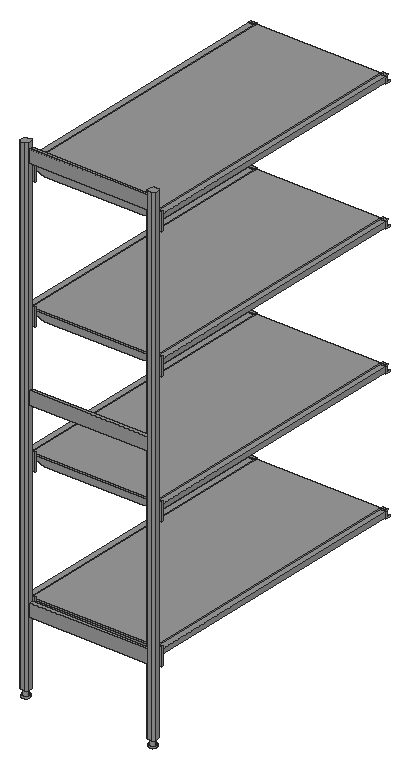
Revit family "QF_ELECTROLUXPROFESSIONAL_137073_CLS1006", category Attrezzature speciali, Revit 2020
Family settings
  Quota connettore circolare = Usa diametro
  Tipo di parte = Normale
  Basato su piano di lavoro = No
  Sempre verticale = Sì
  Taglio con vuoti quando caricato = No
  Condiviso = No
  Punto di calcolo locali = No
Parameters (values of type "Standard")
  Weight = 17.00 kg
  Watts = 0 W
  Volts = 0 V
  URL Manufacturer = "https://www.electroluxprofessional.com/"
  URL = "https://www.electroluxprofessional.com/"
  Steam Supply Size = 0 mm
  Steam Supply Minimum Pressure = 0.0 Pa
  Steam Supply Maximum Pressure = 0.0 Pa
  Steam Consumption per Hour = 0
  Refrigeration Suction Line Size = 0.0 mm
  Refrigeration Liquid Line Size = 0.0 mm
  Refrigerant Compressor Remote = yes
  Prospetto di default = 0.0 mm
  Phase = 0
  Modello = "CLS1006"
  Produttore = "Electrolux Professional"
  Length Actual = 1010.0 mm  # constant formula
  Item Number = "137073"
  Hot Water Size = 0 mm
  Height Actual = 1700.0 mm  # constant formula
  HP = "0 HP"
  Gas Size = 0 mm
  Gas KW = 0
  Gas Input Pressure = 0 W
  Direct Waste Size = 0 mm
  Descrizione = "ALUM.CORNER SHELV.-POLY.TIERS-475X1010MM"
  Depth Actual = 475.0 mm  # constant formula
  Cycle = 0 Hz
  Condensate Return Size = 0 mm
  Compressed Air Volume = 0.0 L/s
  Compressed Air Size = 0 mm
  Compressed Air Pressure = 0.0 Pa
  Cold Water Size = 0 mm
  Accessory = yes
Reference planes
  plane 1: z = 0
  plane 2 "Center (F/B)": y = -163.5
  plane 3 "Front": y = -549.5
  plane 4 "Left": x = -217.5
  plane 5 "Right": x = 257.5
  plane 6 "TOP": z = 1700
  plane 7: y = -517.5
  plane 8: y = 456.5
  plane 9 "Center (Left/Right)": x = 20
  plane 10: y = 451.5
  plane 11: x = -186
  plane 12: x = 226
  plane 13 "FEET": z = 25
  plane 14: z = 275
  plane 15: z = 725
  plane 16: z = 1175
  plane 17: z = 1625
  plane 18 "CXLeft": y = -535.5
  plane 19: x = -200
  plane 20 "CYBack": x = -200
  plane 21 "CYFront": x = 138
  plane 22 "Back": y = 460.5
  plane 23 "LEFT_ORIGIN": x = -251.5
  plane 24 "BACK_Origin": y = 935.5
Forms (mm)
  Extrusion 1, solid, material "QF_Aluminum"
    sketch origin (0, -549.5, 0) x (-1, 0, 0) y (0, 0, 1)
      loop
        line (198.5, 1650.994) -> (198.5, 1632.998) -> (217.5, 1632.998) -> (217.5, 1650.994) -> (198.5, 1650.994)
      loop
        line (-238.5, 1650.994) -> (-257.5, 1650.994) -> (-257.5, 1632.998) -> (-238.5, 1632.998) -> (-238.5, 1650.994)
      loop
        line (198.5, 1200.994) -> (198.5, 1182.998) -> (217.5, 1182.998) -> (217.5, 1200.994) -> (198.5, 1200.994)
      loop
        line (-238.522, 1200.994) -> (-257.5, 1200.994) -> (-257.5, 1182.998) -> (-238.522, 1182.998) -> (-238.522, 1200.994)
      loop
        line (198.5, 750.994) -> (198.5, 732.998) -> (217.5, 732.998) -> (217.5, 750.994) -> (198.5, 750.994)
      loop
        line (-238.522, 750.994) -> (-257.5, 750.994) -> (-257.5, 732.998) -> (-238.522, 732.998) -> (-238.522, 750.994)
      loop
        line (198.5, 300.994) -> (198.5, 282.998) -> (217.5, 282.998) -> (217.5, 300.994) -> (198.5, 300.994)
      loop
        line (-238.522, 300.994) -> (-257.5, 300.994) -> (-257.5, 282.998) -> (-238.522, 282.998) -> (-238.522, 300.994)
    from 32 to 1006
  Extrusion 2, solid, material "QF_Polyethylene"
    sketch origin (0, -549.5, 0) x (-1, 0, 0) y (0, 0, 1)
      loop
        line (196.507, 1650.994) -> (-236.522, 1650.994) -> (-236.522, 1644.496) -> (196.507, 1644.496) -> (196.507, 1650.994)
      loop
        line (196.507, 1200.994) -> (-236.522, 1200.994) -> (-236.522, 1194.496) -> (196.507, 1194.496) -> (196.507, 1200.994)
      loop
        line (196.507, 750.994) -> (-236.522, 750.994) -> (-236.522, 744.496) -> (196.507, 744.496) -> (196.507, 750.994)
      loop
        line (196.507, 300.994) -> (-236.522, 300.994) -> (-236.522, 294.496) -> (196.507, 294.496) -> (196.507, 300.994)
    from 32 to 1006
Lines and regions (mm)
  symbolic lines
    curve 1: line (-198.5, 456.5, 1700) -> (-198.5, -517.5, 1700)
    curve 2: line (-217.5, -521.5, 1700) -> (-217.5, 456.5, 1700)
    curve 3: line (257.5, -521.5, 1700) -> (257.5, 456.5, 1700)
    curve 4: line (-181.507, -517.5, 1700) -> (221.507, -517.5, 1700)
    curve 5: line (238.522, -517.5, 1700) -> (238.522, 456.5, 1700)
    curve 6: line (-198.5, 456.5, 1700) -> (238.522, 456.5, 1700)
Dimensions and locks
  plane 3 "Front" to plane 2 "Center (F/B)" = 386.0 mm
  locked: plane 6 "TOP" to level at 1700
  locked: plane 4 "Left" to plane 5 "Right" at 475
  locked: plane 7 to plane 8 at 974
  locked: plane 3 "Front" to plane 7 at 32
  plane 10 to plane 8 = 5.0 mm
  locked: plane 11 to plane 12 at 412
  equal spacing: plane 11, plane 9 "Center (Left/Right)", plane 12
  equal spacing: plane 4 "Left", plane 9 "Center (Left/Right)", plane 5 "Right"
  plane 13 "FEET" to level = 25.0 mm
  plane 6 "TOP" to plane 13 "FEET" = 1675.0 mm
  plane 14 to plane 13 "FEET" = 250.0 mm
  plane 15 to plane 14 = 450.0 mm
  plane 16 to plane 15 = 450.0 mm
  plane 17 to plane 16 = 450.0 mm
  locked: plane 3 "Front" to plane 18 "CXLeft" at 14
  locked: plane 3 "Front" to plane 22 "Back" at 1010
  plane 23 "LEFT_ORIGIN" to plane 5 "Right" = 509.0 mm
  locked: plane 22 "Back" to plane 24 "BACK_Origin" at 475
  aligned and locked: level to plane 1
  aligned and locked: Extrusion 2 to plane 7
  aligned and locked: plane 8 to Extrusion 2
  aligned and locked: Extrusion 1 to plane 7
  aligned and locked: plane 8 to Extrusion 1
  aligned and locked: Extrusion 1 sketch curve to Extrusion 1 sketch curve  (x2)
  aligned and locked: plane 18 "CXLeft" to nested 1
  aligned and locked: nested 2 to plane 10
Automatic sketch dimensions
  curve 2 to plane 4 "Left" = 0.0 mm
  curve 3 to plane 5 "Right" = 0.0 mm
  plane 7 to curve 1 = 0.0 mm
  plane 7 to curve 4 = 0.0 mm
  plane 7 to curve 5 = 0.0 mm
  plane 8 to curve 2 = 0.0 mm
  plane 8 to curve 1 = 0.0 mm
  plane 8 to curve 3 = 0.0 mm
  curve 5 to plane 21 "CYFront" = 100.522 mm
  plane 19 to curve 6 = 1.5 mm
  plane 7 to curve 3 = 4.0 mm
  plane 7 to curve 2 = 4.0 mm
  plane 12 to curve 4 = 4.493 mm
  curve 4 to plane 11 = 4.493 mm
  plane 5 "Right" to Extrusion 1 sketch curve = 0.0 mm  (x4)
  plane 4 "Left" to Extrusion 1 sketch curve = 0.0 mm  (x4)
  Extrusion 1 sketch curve to plane 21 "CYFront" = 100.522 mm
  Extrusion 1 sketch curve to plane 21 "CYFront" = 100.5 mm
  plane 19 to Extrusion 1 sketch curve = 1.5 mm  (x4)
  plane 14 to Extrusion 1 sketch curve = 7.998 mm  (x2)
  Extrusion 1 sketch curve to Extrusion 1 sketch curve = 17.997 mm  (x8)
  plane 15 to Extrusion 1 sketch curve = 7.998 mm  (x2)
  plane 16 to Extrusion 1 sketch curve = 7.998 mm  (x2)
  plane 17 to Extrusion 1 sketch curve = 7.998 mm  (x2)
  Extrusion 2 sketch curve to plane 21 "CYFront" = 98.522 mm  (x4)
  plane 19 to Extrusion 2 sketch curve = 3.493 mm  (x4)
  plane 14 to Extrusion 2 sketch curve = 19.496 mm
  Extrusion 2 sketch curve to Extrusion 2 sketch curve = 6.499 mm  (x4)
  plane 15 to Extrusion 2 sketch curve = 19.496 mm
  plane 16 to Extrusion 2 sketch curve = 19.496 mm
  plane 17 to Extrusion 2 sketch curve = 19.496 mm
Nested families
  nested 1: "WT_Anta475" at (-194.5, -132.5, 0) x (0, 1, 0) z (0, 0, 1), type "WT_Anta475"
  nested 2: "WT_Aggancio475" at (-194.5, 868.5, 0) x (0, 1, 0) z (0, 0, 1), type "WT_Aggancio475"
Definition of nested family "WT_Anta475"
  Parameters
    WidthLeft = A + 64.0 mm  # 772.0 mm
    Width = 1606.0 mm
    Right = WidthLeft / 2  # 386.0 mm
    Default Elevation = 0.0 mm
    Left = -WidthLeft / 2  # -386.0 mm
    Height = 1725.0 mm
    FEET = 25.0 mm
    E = 0.0 mm
    Dint = Depth - 63.0 mm  # 412.0 mm
    Dext = Depth - 8.0 mm  # 467.0 mm
    Depth = 475.0 mm
    DX = (WidthLeft - A) / 2  # 32.0 mm
    B = 798.0 mm
    A = 708.0 mm
  Reference planes
    plane 1: z = 0
    plane 2 "LEFT": x = -417
    plane 3 "BACK": y = 23
    plane 4 "FRONT": y = -452
    plane 5 "TOP": z = 1725
    plane 6 "Center (Front/Back)": y = -214.5
    plane 7: y = -8.5
    plane 8: y = -420.5
    plane 9 "FEET": z = 25
    plane 10: z = 275
    plane 11: z = 725
    plane 12: z = 1175
    plane 13: z = 1625
    plane 14 "CXLeft": x = -403
    plane 15: y = 5.5
    plane 16 "CYBack": y = 5.5
    plane 17 "CYFront": y = -434.5
    plane 18: x = -385.031
    plane 19: x = -380.031
  Forms (mm)
    Extrusion 1, solid
      sketch origin (0, 0, 0) x (1, 0, 0) y (0, 1, 0)
        loop
          line (-417, 13.246) -> (-417, -2.246) -> (-410.746, -8.5) -> (-395.254, -8.5) -> (-389, -2.246) -> (-389, 13.246) -> (-395.254, 19.5) -> (-410.746, 19.5) -> (-417, 13.246)
      from 1725 to 25
    Extrusion 2, solid
      sketch origin (-417, 0, 0) x (0, 1, 0) y (0, 0, 1)
        loop
          line (23, 246.005) -> (23, 307.993) -> (-12.993, 307.993) -> (-12.993, 246.005) -> (23, 246.005)
        loop
          line (-452, 246.005) -> (-416.007, 246.005) -> (-416.007, 307.993) -> (-452, 307.993) -> (-452, 246.005)
        loop
          line (23, 696.005) -> (23, 757.993) -> (-12.993, 757.993) -> (-12.993, 696.005) -> (23, 696.005)
        loop
          line (-452, 696.005) -> (-416.007, 696.005) -> (-416.007, 757.993) -> (-452, 757.993) -> (-452, 696.005)
        loop
          line (23, 1146.005) -> (23, 1207.993) -> (-12.993, 1207.993) -> (-12.993, 1146.005) -> (23, 1146.005)
        loop
          line (-452, 1146.005) -> (-416.007, 1146.005) -> (-416.007, 1207.993) -> (-452, 1207.993) -> (-452, 1146.005)
        loop
          line (23, 1596.005) -> (23, 1657.993) -> (-12.993, 1657.993) -> (-12.993, 1596.005) -> (23, 1596.005)
        loop
          line (-452, 1596.005) -> (-416.007, 1596.005) -> (-416.007, 1657.993) -> (-452, 1657.993) -> (-452, 1596.005)
      from 28 to 32
    Revolve 3, solid
      sketch origin (-403, 0, 0) x (0, 1, 0) y (0, 0, 1)
        loop
          line (5.5, 25) -> (5.5, 0) -> (19, 0) -> (19, 5) -> (14, 5) -> (14, 25) -> (5.5, 25)
        axis (5.5, 25) -> (5.5, 0)
      angle from 0 to 360
    Extrusion 4, solid
      sketch origin (-403, 0, 0) x (0, 1, 0) y (0, 0, 1)
        loop
          line (-8.5, 912.382) -> (-8.5, 957.374) -> (-420.5, 957.374) -> (-420.5, 912.382) -> (-8.5, 912.382)
        loop
          line (-8.5, 1662.244) -> (-8.5, 1707.236) -> (-420.5, 1707.236) -> (-420.5, 1662.244) -> (-8.5, 1662.244)
      from -5 to 5
    Revolve 5, solid
      sketch origin (-403, -627, 0) x (0, -1, 0) y (0, 0, 1)
        loop
          line (-192.5, 25) -> (-192.5, 0) -> (-179, 0) -> (-179, 5) -> (-184, 5) -> (-184, 25) -> (-192.5, 25)
        axis (-192.5, 25) -> (-192.5, 0)
      angle from 0 to 360
    Extrusion 6, solid
      sketch origin (0, -627, 0) x (1, 0, 0) y (0, 1, 0)
        loop
          line (-417, 184.754) -> (-410.746, 178.5) -> (-395.254, 178.5) -> (-389, 184.754) -> (-389, 200.246) -> (-395.254, 206.5) -> (-410.746, 206.5) -> (-417, 200.246) -> (-417, 184.754)
      from 1725 to 25
    Extrusion 7, solid
      sketch origin (-417.031, -0.022, 0) x (0, 1, 0) y (0, 0, -1)
        loop
          line (-12, -1632.998) -> (-46, -1620.994) -> (-383, -1620.994) -> (-417, -1632.998) -> (-433, -1632.998) -> (-433, -1650.994) -> (-431, -1650.994) -> (-431, -1644.496) -> (2.007, -1644.496) -> (2.007, -1650.994) -> (4, -1650.994) -> (4, -1632.998) -> (-12, -1632.998)
        loop
          line (-12, -1182.998) -> (-46, -1170.994) -> (-383, -1170.994) -> (-417, -1182.998) -> (-433, -1182.998) -> (-433, -1200.994) -> (-431, -1200.994) -> (-431, -1194.496) -> (2.007, -1194.496) -> (2.007, -1200.994) -> (4, -1200.994) -> (4, -1182.998) -> (-12, -1182.998)
        loop
          line (-12, -732.998) -> (-46, -720.994) -> (-383, -720.994) -> (-417, -732.998) -> (-433, -732.998) -> (-433, -750.994) -> (-431, -750.994) -> (-431, -744.496) -> (2.007, -744.496) -> (2.007, -750.994) -> (4, -750.994) -> (4, -732.998) -> (-12, -732.998)
        loop
          line (-12, -282.998) -> (-46, -270.994) -> (-383, -270.994) -> (-417, -282.998) -> (-433, -282.998) -> (-433, -300.994) -> (-431, -300.994) -> (-431, -294.496) -> (2.007, -294.496) -> (2.007, -300.994) -> (4, -300.994) -> (4, -282.998) -> (-12, -282.998)
      from -32 to -37
    Extrusion 8, solid
      sketch origin (-403, 0, -659.878) x (0, 1, 0) y (0, 0, 1)
        loop
          line (-8.5, 912.382) -> (-8.5, 957.374) -> (-420.5, 957.374) -> (-420.5, 912.382) -> (-8.5, 912.382)
        loop
          line (-8.5, 1572.382) -> (-8.5, 1617.374) -> (-420.5, 1617.374) -> (-420.5, 1572.382) -> (-8.5, 1572.382)
        loop
          line (-8.5, 2322.382) -> (-8.5, 2367.374) -> (-420.5, 2367.374) -> (-420.5, 2322.382) -> (-8.5, 2322.382)
      from -5 to 5
  Lines and regions (mm)
    symbolic lines
      curve 1: line (-408, -8.5, 1725) -> (-408, -420.5, 1725)
      curve 2: line (-398, -420.5, 1725) -> (-398, -8.5, 1725)
      curve 3: line (-395.254, -8.5, 1725) -> (-410.746, -8.5, 1725)
      curve 4: line (-417, -2.246, 1725) -> (-410.746, -8.5, 1725)
      curve 5: line (-417, 13.246, 1725) -> (-417, -2.246, 1725)
      curve 6: line (-410.746, 19.5, 1725) -> (-417, 13.246, 1725)
      curve 7: line (-395.254, 19.5, 1725) -> (-410.746, 19.5, 1725)
      curve 8: line (-389, 13.246, 1725) -> (-395.254, 19.5, 1725)
      curve 9: line (-395.254, -8.5, 1725) -> (-389, -2.246, 1725)
      curve 10: line (-395.254, -420.5, 1725) -> (-410.746, -420.5, 1725)
      curve 11: line (-417, -426.754, 1725) -> (-410.746, -420.5, 1725)
      curve 12: line (-410.746, -448.5, 1725) -> (-417, -442.246, 1725)
      curve 13: line (-395.254, -448.5, 1725) -> (-410.746, -448.5, 1725)
      curve 14: line (-389, -442.246, 1725) -> (-395.254, -448.5, 1725)
      curve 15: line (-395.254, -420.5, 1725) -> (-389, -426.754, 1725)
      curve 16: line (-389, -452, 1725) -> (-389, -416.007, 1725)
      curve 17: line (-389, -416.007, 1725) -> (-385, -416.007, 1725)
      curve 18: line (-389, 23, 1725) -> (-389, -12.993, 1725)
      curve 19: line (-389, -12.993, 1725) -> (-385, -12.993, 1725)
      curve 20: line (-417, -426.754, 1725) -> (-417, -442.246, 1725)
      curve 21: line (-385, -452, 1725) -> (-385, -416.007, 1725)
      curve 22: line (-385, -452, 1725) -> (-389, -452, 1725)
      curve 23: line (-385, 23, 1725) -> (-389, 23, 1725)
      curve 24: line (-385, -12.993, 1725) -> (-385, 23, 1725)
      curve 25: line (-385.031, -13.016, 1725) -> (-385.031, -416.029, 1725)
  Dimensions and locks
    "Height": plane 5 "TOP" to level
    "Depth": plane 3 "BACK" to plane 4 "FRONT"
    "Dint": plane 7 to plane 8
    equal spacing: plane 7, plane 6 "Center (Front/Back)", plane 8
    equal spacing: plane 3 "BACK", plane 6 "Center (Front/Back)", plane 4 "FRONT"
    plane 9 "FEET" to level = 25.0 mm
    plane 5 "TOP" to plane 9 "FEET" = 1700.0 mm
    plane 10 to plane 9 "FEET" = 250.0 mm
    plane 11 to plane 10 = 450.0 mm
    plane 12 to plane 11 = 450.0 mm
    plane 13 to plane 12 = 450.0 mm
    locked: plane 2 "LEFT" to plane 14 "CXLeft" at 14
    locked: plane 3 "BACK" to plane 16 "CYBack" at 17.5
    locked: plane 17 "CYFront" to plane 4 "FRONT" at 17.5
    locked: Revolve 3 sketch curve to Revolve 3 sketch curve at 8.5
    locked: Revolve 3 sketch curve to plane 16 "CYBack" at 13.5
    locked: Revolve 5 sketch curve to Revolve 5 sketch curve at 8.5
    aligned and locked: level to plane 1
    aligned and locked: curve 20 to Extrusion 6
    aligned and locked: plane 5 "TOP" to Extrusion 1
    aligned and locked: plane 5 "TOP" to Extrusion 6
    aligned and locked: Extrusion 7 sketch curve to Extrusion 7 sketch curve  (x3)
  Automatic sketch dimensions
    curve 16 to plane 4 "FRONT" = 0.0 mm
    curve 11 to plane 8 = 0.0 mm
    curve 9 to plane 7 = 0.0 mm
    curve 5 to plane 2 "LEFT" = 0.0 mm
    curve 23 to plane 3 "BACK" = 0.0 mm
    plane 4 "FRONT" to curve 13 = 3.5 mm
    curve 20 to plane 17 "CYFront" = 7.746 mm
    curve 20 to plane 8 = 6.254 mm
    plane 8 to curve 16 = 4.493 mm
    curve 24 to plane 18 = 0.031 mm
    curve 24 to plane 7 = 4.493 mm
    plane 7 to curve 5 = 6.254 mm
    curve 5 to plane 15 = 7.746 mm
    curve 6 to plane 3 "BACK" = 3.5 mm
    curve 21 to plane 18 = 0.031 mm
    plane 18 to curve 23 = 3.969 mm
    plane 18 to curve 16 = 3.969 mm
    curve 18 to curve 8 = 6.254 mm
    curve 18 to curve 3 = 6.254 mm
    curve 16 to curve 13 = 6.254 mm
    curve 16 to curve 15 = 6.254 mm
    plane 2 "LEFT" to curve 10 = 6.254 mm
    plane 2 "LEFT" to curve 7 = 6.254 mm
    plane 2 "LEFT" to curve 12 = 6.254 mm
    plane 2 "LEFT" to curve 3 = 6.254 mm
    curve 14 to plane 17 "CYFront" = 7.746 mm
    curve 15 to plane 8 = 6.254 mm
    plane 7 to curve 9 = 6.254 mm
    curve 8 to plane 15 = 7.746 mm
    curve 3 to curve 2 = 2.746 mm
    curve 1 to curve 10 = 2.746 mm
    Extrusion 1 sketch curve to plane 2 "LEFT" = 0.0 mm
    Extrusion 1 sketch curve to plane 7 = 0.0 mm
    plane 2 "LEFT" to Extrusion 1 sketch curve = 6.254 mm  (x2)
    plane 14 "CXLeft" to Extrusion 1 sketch curve = 7.746 mm  (x2)
    Extrusion 1 sketch curve to plane 3 "BACK" = 3.5 mm
    plane 18 to Extrusion 1 sketch curve = 3.969 mm
    plane 7 to Extrusion 1 sketch curve = 6.254 mm  (x2)
    Extrusion 1 sketch curve to plane 15 = 7.746 mm  (x2)
    Extrusion 2 sketch curve to plane 4 "FRONT" = 0.0 mm  (x4)
    Extrusion 2 sketch curve to plane 3 "BACK" = 0.0 mm  (x4)
    plane 8 to Extrusion 2 sketch curve = 4.493 mm  (x4)
    Extrusion 2 sketch curve to plane 7 = 4.493 mm  (x4)
    Extrusion 2 sketch curve to plane 10 = 28.995 mm  (x2)
    plane 10 to Extrusion 2 sketch curve = 32.993 mm  (x2)
    Extrusion 2 sketch curve to plane 11 = 28.995 mm  (x2)
    plane 11 to Extrusion 2 sketch curve = 32.993 mm  (x2)
    Extrusion 2 sketch curve to plane 12 = 28.995 mm  (x2)
    plane 12 to Extrusion 2 sketch curve = 32.993 mm  (x2)
    Extrusion 2 sketch curve to plane 13 = 28.995 mm  (x2)
    plane 13 to Extrusion 2 sketch curve = 32.993 mm  (x2)
    Revolve 3 sketch curve to plane 9 "FEET" = 0.0 mm  (x2)
    Revolve 3 sketch curve to plane 15 = 0.0 mm  (x2)
    Revolve 3 sketch curve to level = 0.0 mm
    level to Revolve 3 sketch curve = 5.0 mm
    Revolve 3 sketch curve to Revolve 3 sketch curve = 11.655 mm
    Extrusion 4 sketch curve to plane 8 = 0.0 mm  (x2)
    Extrusion 4 sketch curve to plane 7 = 0.0 mm  (x2)
    plane 11 to Extrusion 4 sketch curve = 187.382 mm
    Extrusion 4 sketch curve to Extrusion 4 sketch curve = 44.992 mm
    plane 13 to Extrusion 4 sketch curve = 37.244 mm
    Extrusion 4 sketch curve to plane 5 "TOP" = 17.764 mm
    Revolve 5 sketch curve to plane 9 "FEET" = 0.0 mm  (x2)
    Revolve 5 sketch curve to plane 17 "CYFront" = 0.0 mm  (x2)
    Revolve 5 sketch curve to level = 0.0 mm
    Revolve 5 sketch curve to plane 4 "FRONT" = 4.0 mm
    Revolve 5 sketch curve to Revolve 5 sketch curve = 5.0 mm
    level to Revolve 5 sketch curve = 11.655 mm
    Extrusion 6 sketch curve to plane 2 "LEFT" = 0.0 mm
    Extrusion 6 sketch curve to plane 8 = 0.0 mm
    Extrusion 6 sketch curve to plane 2 "LEFT" = 6.254 mm  (x2)
    Extrusion 6 sketch curve to plane 14 "CXLeft" = 7.746 mm  (x2)
    Extrusion 6 sketch curve to plane 4 "FRONT" = 3.5 mm
    Extrusion 6 sketch curve to plane 18 = 3.969 mm
    plane 8 to Extrusion 6 sketch curve = 6.254 mm  (x2)
    plane 17 "CYFront" to Extrusion 6 sketch curve = 7.746 mm  (x2)
    plane 17 "CYFront" to Extrusion 7 sketch curve = 1.478 mm  (x4)
    Extrusion 7 sketch curve to Extrusion 7 sketch curve = 2.0 mm
    plane 8 to Extrusion 7 sketch curve = 3.478 mm  (x4)
    Extrusion 7 sketch curve to plane 10 = 4.006 mm
    Extrusion 7 sketch curve to Extrusion 7 sketch curve = 34.0 mm  (x4)
    Extrusion 7 sketch curve to plane 11 = 4.006 mm
    Extrusion 7 sketch curve to plane 12 = 4.006 mm
    Extrusion 7 sketch curve to plane 13 = 4.006 mm
    Extrusion 7 sketch curve to plane 7 = 37.522 mm  (x4)
    Extrusion 7 sketch curve to plane 7 = 3.522 mm  (x4)
    plane 15 to Extrusion 7 sketch curve = 3.516 mm  (x4)
    plane 15 to Extrusion 7 sketch curve = 1.522 mm  (x4)
    plane 13 to Extrusion 7 sketch curve = 7.998 mm  (x2)
    Extrusion 7 sketch curve to Extrusion 7 sketch curve = 11.498 mm
    Extrusion 7 sketch curve to Extrusion 7 sketch curve = 6.499 mm  (x5)
    plane 12 to Extrusion 7 sketch curve = 25.994 mm  (x2)
    plane 12 to Extrusion 7 sketch curve = 7.998 mm  (x2)
    plane 11 to Extrusion 7 sketch curve = 25.994 mm  (x2)
    plane 11 to Extrusion 7 sketch curve = 7.998 mm  (x2)
    plane 10 to Extrusion 7 sketch curve = 25.994 mm  (x2)
    plane 10 to Extrusion 7 sketch curve = 7.998 mm  (x2)
    curve 25 to plane 18 = 0.0 mm
    plane 8 to curve 25 = 4.471 mm
    curve 25 to plane 7 = 4.516 mm
    Extrusion 8 sketch curve to plane 8 = 0.0 mm  (x3)
    Extrusion 8 sketch curve to plane 7 = 0.0 mm  (x3)
    Extrusion 8 sketch curve to plane 10 = 22.496 mm
    plane 10 to Extrusion 8 sketch curve = 22.496 mm
    plane 11 to Extrusion 8 sketch curve = 187.504 mm
    Extrusion 8 sketch curve to Extrusion 8 sketch curve = 44.992 mm
    plane 13 to Extrusion 8 sketch curve = 37.504 mm
    Extrusion 8 sketch curve to plane 5 "TOP" = 17.504 mm
Definition of nested family "WT_Aggancio475"
  Parameters
    WidthLeft = A + 64.0 mm  # 772.0 mm
    Width = 1606.0 mm
    Right = WidthLeft / 2  # 386.0 mm
    Default Elevation = 0.0 mm
    Left = -WidthLeft / 2  # -386.0 mm
    Height = 1725.0 mm
    FEET = 25.0 mm
    E = 0.0 mm
    Dint = Depth - 63.0 mm  # 412.0 mm
    Dext = Depth - 8.0 mm  # 467.0 mm
    Depth = 475.0 mm
    DX = (WidthLeft - A) / 2  # 32.0 mm
    B = 798.0 mm
    A = 708.0 mm
  Reference planes
    plane 1: z = 0
    plane 2 "LEFT": x = -417
    plane 3 "BACK": y = 23
    plane 4 "FRONT": y = -452
    plane 5 "TOP": z = 1725
    plane 6 "Center (Front/Back)": y = -214.5
    plane 7: y = -8.5
    plane 8: y = -420.5
    plane 9 "FEET": z = 25
    plane 10: z = 275
    plane 11: z = 725
    plane 12: z = 1175
    plane 13: z = 1625
    plane 14: y = 5.5
    plane 15 "CYBack": y = 5.5
    plane 16 "CYFront": y = -434.5
  Forms (mm)
    Extrusion 1, solid
      sketch origin (-380, -0.022, 0) x (0, 1, 0) y (0, 0, 1)
        loop
          line (-12, 1632.998) -> (4, 1632.998) -> (4, 1650.994) -> (2.007, 1650.994) -> (2.007, 1644.496) -> (-431, 1644.496) -> (-431, 1650.994) -> (-433, 1650.994) -> (-433, 1632.998) -> (-417, 1632.998) -> (-383, 1620.994) -> (-46, 1620.994) -> (-12, 1632.998)
        loop
          line (-12, 1182.998) -> (4, 1182.998) -> (4, 1200.994) -> (2.007, 1200.994) -> (2.007, 1194.496) -> (-431, 1194.496) -> (-431, 1200.994) -> (-433, 1200.994) -> (-433, 1182.998) -> (-417, 1182.998) -> (-383, 1170.994) -> (-46, 1170.994) -> (-12, 1182.998)
        loop
          line (-12, 732.998) -> (4, 732.998) -> (4, 750.994) -> (2.007, 750.994) -> (2.007, 744.496) -> (-431, 744.496) -> (-431, 750.994) -> (-433, 750.994) -> (-433, 732.998) -> (-417, 732.998) -> (-383, 720.994) -> (-46, 720.994) -> (-12, 732.998)
        loop
          line (-12, 282.998) -> (4, 282.998) -> (4, 300.994) -> (2.007, 300.994) -> (2.007, 294.496) -> (-431, 294.496) -> (-431, 300.994) -> (-433, 300.994) -> (-433, 282.998) -> (-417, 282.998) -> (-383, 270.994) -> (-46, 270.994) -> (-12, 282.998)
      from -32 to -37
    Extrusion 2, solid
      sketch origin (-793.062, -324.754, 6.5) x (1, 0, 0) y (0, 0, 1)
        loop
          line (385.062, 1644.496) -> (385.062, 1647.496) -> (376.062, 1647.496) -> (376.062, 1620.994) -> (390.031, 1620.994) -> (390.031, 1626.496) -> (381.062, 1626.496) -> (381.062, 1644.496) -> (385.062, 1644.496)
        loop
          line (385.062, 1194.496) -> (385.062, 1197.496) -> (376.062, 1197.496) -> (376.062, 1170.994) -> (390.031, 1170.994) -> (390.031, 1176.496) -> (381.062, 1176.496) -> (381.062, 1194.496) -> (385.062, 1194.496)
        loop
          line (385.062, 744.496) -> (385.062, 747.496) -> (376.062, 747.496) -> (376.062, 720.994) -> (390.031, 720.994) -> (390.031, 726.496) -> (381.062, 726.496) -> (381.062, 744.496) -> (385.062, 744.496)
        loop
          line (385.062, 294.496) -> (385.062, 297.496) -> (376.062, 297.496) -> (376.062, 270.994) -> (390.031, 270.994) -> (390.031, 276.496) -> (381.062, 276.496) -> (381.062, 294.496) -> (385.062, 294.496)
      from 108.268 to 127.246
    Extrusion 3, solid
      sketch origin (-793.062, 32.754, 6.5) x (1, 0, 0) y (0, 0, 1)
        loop
          line (385.062, 1644.496) -> (385.062, 1647.496) -> (376.062, 1647.496) -> (376.062, 1620.994) -> (390.031, 1620.994) -> (390.031, 1626.496) -> (381.062, 1626.496) -> (381.062, 1644.496) -> (385.062, 1644.496)
        loop
          line (385.062, 1194.496) -> (385.062, 1197.496) -> (376.062, 1197.496) -> (376.062, 1170.994) -> (390.031, 1170.994) -> (390.031, 1176.496) -> (381.062, 1176.496) -> (381.062, 1194.496) -> (385.062, 1194.496)
        loop
          line (385.062, 744.496) -> (385.062, 747.496) -> (376.062, 747.496) -> (376.062, 720.994) -> (390.031, 720.994) -> (390.031, 726.496) -> (381.062, 726.496) -> (381.062, 744.496) -> (385.062, 744.496)
        loop
          line (385.062, 294.496) -> (385.062, 297.496) -> (376.062, 297.496) -> (376.062, 270.994) -> (390.031, 270.994) -> (390.031, 276.496) -> (381.062, 276.496) -> (381.062, 294.496) -> (385.062, 294.496)
      from 9.754 to 28.776
  Lines and regions (mm)
    symbolic lines
      curve 1: line (-412, -452, 0) -> (-408, -452, 0)
      curve 2: line (-412, -433.022, 0) -> (-412, -452, 0)
      curve 3: line (-408, -433.022, 0) -> (-412, -433.022, 0)
      curve 4: line (-408, -452, 0) -> (-408, -433.022, 0)
      curve 5: line (-412, 3.978, 0) -> (-408, 3.978, 0)
      curve 6: line (-412, 23, 0) -> (-412, 3.978, 0)
      curve 7: line (-408, 23, 0) -> (-412, 23, 0)
      curve 8: line (-408, 3.978, 0) -> (-408, 23, 0)
  Dimensions and locks
    "Height": plane 5 "TOP" to level
    "Depth": plane 3 "BACK" to plane 4 "FRONT"
    "Dint": plane 7 to plane 8
    equal spacing: plane 7, plane 6 "Center (Front/Back)", plane 8
    equal spacing: plane 3 "BACK", plane 6 "Center (Front/Back)", plane 4 "FRONT"
    plane 9 "FEET" to level = 25.0 mm
    plane 5 "TOP" to plane 9 "FEET" = 1700.0 mm
    plane 10 to plane 9 "FEET" = 250.0 mm
    plane 11 to plane 10 = 450.0 mm
    plane 12 to plane 11 = 450.0 mm
    plane 13 to plane 12 = 450.0 mm
    locked: plane 3 "BACK" to plane 15 "CYBack" at 17.5
    locked: plane 16 "CYFront" to plane 4 "FRONT" at 17.5
    aligned and locked: level to plane 1
    aligned and locked: Extrusion 1 sketch curve to Extrusion 1 sketch curve  (x3)
  Automatic sketch dimensions
    plane 16 "CYFront" to Extrusion 1 sketch curve = 1.478 mm  (x4)
    Extrusion 1 sketch curve to Extrusion 1 sketch curve = 2.0 mm
    plane 8 to Extrusion 1 sketch curve = 3.478 mm  (x4)
    Extrusion 1 sketch curve to plane 10 = 4.006 mm
    Extrusion 1 sketch curve to Extrusion 1 sketch curve = 34.0 mm  (x4)
    Extrusion 1 sketch curve to plane 11 = 4.006 mm
    Extrusion 1 sketch curve to plane 12 = 4.006 mm
    Extrusion 1 sketch curve to plane 13 = 4.006 mm
    Extrusion 1 sketch curve to plane 7 = 37.522 mm  (x4)
    Extrusion 1 sketch curve to plane 7 = 3.522 mm  (x4)
    plane 14 to Extrusion 1 sketch curve = 3.516 mm  (x4)
    plane 14 to Extrusion 1 sketch curve = 1.522 mm  (x4)
    plane 10 to Extrusion 1 sketch curve = 7.998 mm  (x2)
    Extrusion 1 sketch curve to Extrusion 1 sketch curve = 11.498 mm  (x4)
    Extrusion 1 sketch curve to Extrusion 1 sketch curve = 6.499 mm  (x8)
    plane 11 to Extrusion 1 sketch curve = 7.998 mm  (x2)
    plane 12 to Extrusion 1 sketch curve = 7.998 mm  (x2)
    plane 13 to Extrusion 1 sketch curve = 7.998 mm  (x2)
    plane 2 "LEFT" to Extrusion 2 sketch curve = 0.0 mm  (x4)
    plane 13 to Extrusion 2 sketch curve = 7.996 mm
    plane 11 to Extrusion 2 sketch curve = 7.996 mm
    Extrusion 2 sketch curve to Extrusion 2 sketch curve = 5.0 mm  (x4)
    plane 11 to Extrusion 2 sketch curve = 2.494 mm
    plane 10 to Extrusion 2 sketch curve = 28.996 mm
    Extrusion 2 sketch curve to Extrusion 2 sketch curve = 3.0 mm  (x4)
    plane 10 to Extrusion 2 sketch curve = 7.996 mm
    plane 10 to Extrusion 2 sketch curve = 2.494 mm
    Extrusion 2 sketch curve to Extrusion 2 sketch curve = 18.0 mm  (x3)
    plane 12 to Extrusion 2 sketch curve = 2.494 mm
    plane 12 to Extrusion 2 sketch curve = 7.996 mm
    plane 13 to Extrusion 2 sketch curve = 2.494 mm
    plane 2 "LEFT" to Extrusion 3 sketch curve = 0.0 mm  (x4)
    plane 13 to Extrusion 3 sketch curve = 7.996 mm
    plane 11 to Extrusion 3 sketch curve = 7.996 mm
    Extrusion 3 sketch curve to Extrusion 3 sketch curve = 5.0 mm  (x4)
    plane 11 to Extrusion 3 sketch curve = 2.494 mm
    plane 10 to Extrusion 3 sketch curve = 28.996 mm
    Extrusion 3 sketch curve to Extrusion 3 sketch curve = 3.0 mm  (x4)
    plane 10 to Extrusion 3 sketch curve = 7.996 mm
    plane 10 to Extrusion 3 sketch curve = 2.494 mm
    Extrusion 3 sketch curve to Extrusion 3 sketch curve = 18.0 mm  (x3)
    plane 12 to Extrusion 3 sketch curve = 2.494 mm
    plane 12 to Extrusion 3 sketch curve = 7.996 mm
    plane 13 to Extrusion 3 sketch curve = 2.494 mm
    plane 2 "LEFT" to curve 1 = 5.0 mm
    plane 2 "LEFT" to curve 7 = 5.0 mm
    curve 1 to plane 16 "CYFront" = 17.5 mm
    curve 3 to plane 8 = 12.522 mm
    plane 7 to curve 5 = 12.478 mm
    curve 7 to plane 14 = 17.5 mm
    curve 5 to curve 5 = 4.0 mm
    curve 1 to curve 4 = 4.0 mm
    Extrusion 2 sketch curve to Extrusion 2 sketch curve = 4.0 mm  (x4)
    Extrusion 2 sketch curve to Extrusion 2 sketch curve = 8.969 mm  (x4)
    Extrusion 3 sketch curve to Extrusion 3 sketch curve = 4.0 mm  (x4)
    Extrusion 3 sketch curve to Extrusion 3 sketch curve = 8.969 mm  (x4)
